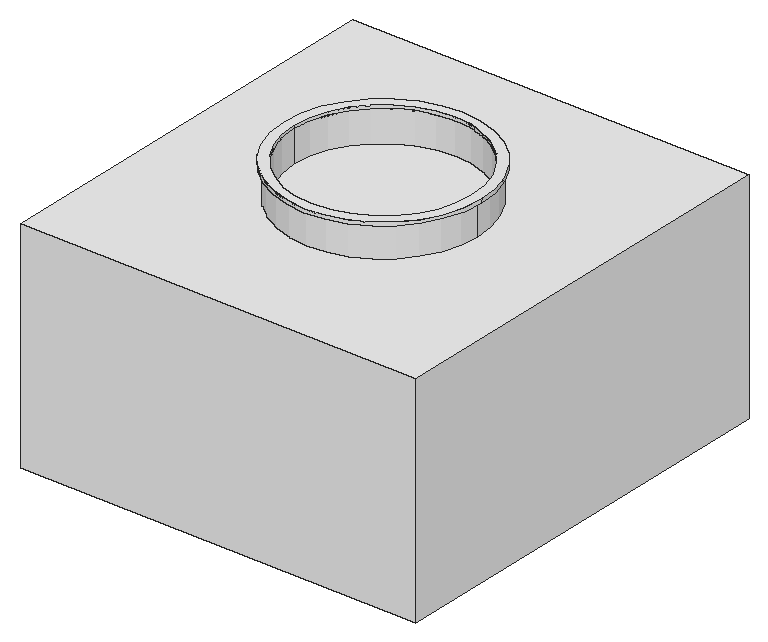
Revit family "Lighting-Recessed-Amerlux-E475RD-A15", category Lighting Fixtures, host Face, Revit 2014
Parameters (values of type "Trim")
  Width = 10 15/16"
  Wattage = 9.2903 W
  built-in parameter 1150110 = 1 (stored number, unit not read)
  Voltage = 0 V
  URL = "http://www.amerlux.com/"
  Trim Size = 5 3/16"
  Trim [instance] = yes
  built-in parameter 1114217 = 1 (stored number, unit not read)
  Tilt Angle = -90.00°
  built-in parameter 1150109 = 1 (stored number, unit not read)
  built-in parameter 1150134 = 3
  built-in parameter 1150113 = 1 (stored number, unit not read)
  Power Factor = 1
  Photometric Web File = "generic"
  Number of Poles = 1
  built-in parameter 1150142 = (empty or 0)
  Model Number = ""
  Model = "E475RD-A15"
  Manufacturer = "Amerlux"
  built-in parameter 1150105 = 109.82 (stored number, unit not read)
  Lumens = 1380 lm
  built-in parameter 1150115 = 1 (stored number, unit not read)
  built-in parameter 1150137 = (empty or 0)
  built-in parameter 1150139 = (empty or 0)
  Length = 14 1/2"
  built-in parameter 1150112 = 1 (stored number, unit not read)
  built-in parameter 1150114 = 1 (stored number, unit not read)
  Lamp = "LED"
  built-in parameter 1150132 = (empty or 0)
  built-in parameter 1150102 = (empty or 0)
  built-in parameter 1150107 = 3200 (stored number, unit not read)
  built-in parameter 1150138 = (empty or 0)
  built-in parameter 1150106 = 1.0982 (stored number, unit not read)
  Height = 6 9/16"
  Emit from Circle Diameter = Aperture Size  # 4 11/16"
  Emit Shape Visible in Rendering = no
  built-in parameter 1150104 = 13.8 (stored number, unit not read)
  Dimming Lamp Color Temperature Shift = <None>
  Dimming = ""
  Description = "4.5\" Round Downlight"
  Default Elevation = 48"
  Color Filter = 16777215
  built-in parameter 1114218 = 1 (stored number, unit not read)
  built-in parameter 1150133 = 10 (stored number, unit not read)
  Apparent Load = 0 VA
  Aperture Size = 4 11/16"
Types (3): name | Trim
  (no name) | yes
  Trimless | no
  Trim | yes
Reference planes (in)
  plane 1 "Center (Front/Back)": y = 0
  plane 2: z = 0
  plane 3 "Center (Left/Right)": x = 0
  plane 4: x = -7.25
  plane 5: x = 7.25
  plane 6: z = -6.5625
  plane 7: y = 5.46875
  plane 8: y = -5.46875
Forms (in)
  Extrusion 1, solid, material "Housing"
    sketch origin (0, 0, 0) x (1, 0, 0) y (0, 1, 0)
      loop
        line (-5.16548, 5.46875) -> (-5.16548, -5.46875) -> (5.22568, -5.46875) -> (5.22568, 5.46875) -> (-5.16548, 5.46875)
    from -6.5625 to -0.8255
  Extrusion 2, solid, material "Trim Finish", visible <- "Trim"
    sketch origin (0, 0, 0) x (1, 0, 0) y (0, 1, 0)
      loop
        circle (0, 0) r 2.59375
      loop
        circle (0, 0) r 2.34375
    from 0 to 0.08709
  Extrusion 3, solid, material "Housing"
    sketch origin (0, 0, 0) x (1, 0, 0) y (0, 1, 0)
      loop
        circle (0, 0) r 2.34375
      loop
        circle (0, 0) r 2.5
    from -0.8255 to 0
  Extrusion 4, void
    sketch origin (0, 0, 0) x (1, 0, 0) y (0, 1, 0)
      loop
        circle (0, 0) r 2.34375
    from -0.8255 to 0.08709
Cuts and joins
  Extrusion 4 cuts Extrusion 2
Dimensions and locks (in)
  "Height": plane 6 to host face
  "Length": plane 4 to plane 5
  equal spacing: plane 7, plane 1 "Center (Front/Back)", plane 8
  equal spacing: plane 4, plane 3 "Center (Left/Right)", plane 5
  "Width": plane 7 to plane 8
  "Aperture Size": diameter of Extrusion 2 sketch curve
  "Trim Size": diameter of Extrusion 2 sketch curve
  "Aperture Size": diameter of Extrusion 3 sketch curve
  aligned and locked: plane 2 to host face
  aligned and locked: level to host face
  aligned and locked: Extrusion 1 to plane 6
  aligned and locked: Extrusion 1 to plane 8
  aligned and locked: Extrusion 3 to Extrusion 1
  aligned and locked: level to Extrusion 3
  aligned and locked: plane 7 to Extrusion 1
Automatic sketch dimensions
  host sketch curve to host sketch curve = 54.51167"
  host sketch curve to host sketch curve = 52.40009"
  plane 4 to Extrusion 1 sketch curve = 2.08452"
  Extrusion 1 sketch curve to plane 5 = 2.02432"
  Extrusion 1 sketch curve to plane 8 = 0"
  Extrusion 1 sketch curve to plane 7 = 0"
  plane 1 "Center (Front/Back)" to Extrusion 4 sketch curve = 0"
  Extrusion 4 sketch curve to plane 3 "Center (Left/Right)" = 0"
  Extrusion 2 sketch curve to Extrusion 2 sketch curve = 0"  (x2)
  plane 1 "Center (Front/Back)" to Extrusion 2 sketch curve = 0"
  Extrusion 2 sketch curve to plane 3 "Center (Left/Right)" = 0"
  Extrusion 3 sketch curve to Extrusion 3 sketch curve = 0"  (x2)
  plane 1 "Center (Front/Back)" to Extrusion 3 sketch curve = 0"
  Extrusion 3 sketch curve to plane 3 "Center (Left/Right)" = 0"
  radius of Extrusion 4 sketch curve = 2 11/32"
  radius of Extrusion 3 sketch curve = 2 1/2"
Connectors (in)
  electrical at (0.0301, 0, -6.5625), driven by "Number of Poles", driven by "Voltage", driven by "Apparent Load", driven by "Power Factor"
    settings: on Extrusion 1, index 1, voltage 0 V, apparent load 0 VA, apparent load phase1 0 VA, apparent load phase2 0 VA, apparent load phase3 0 VA, power factor 1, load classification "Other", number of poles 1, system type 31, power factor state 1, is connector primary yes, connector utility no, sub classification motor no, connector description "Power"
